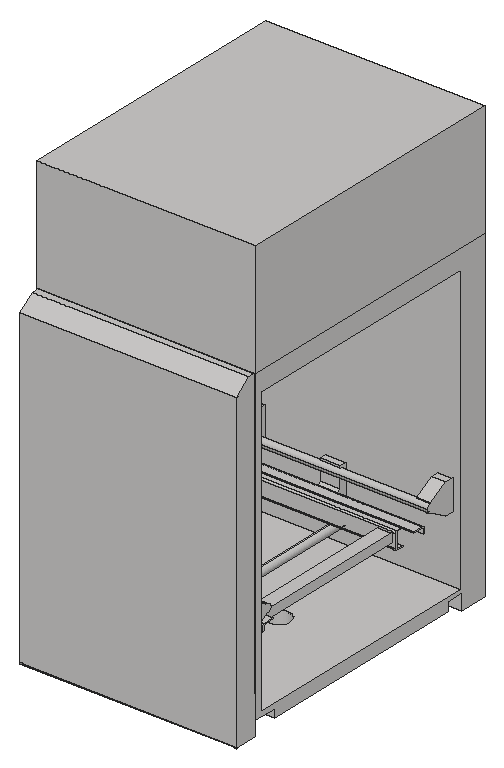
Revit family "QF_ELECTROLUXPROFESSIONAL_535141_NMHDRE56", category Specialty Equipment, Revit 2018
Family settings
  Round Connector Dimension = Use Diameter
  Part Type = Normal
  Work Plane-Based = No
  Always vertical = Yes
  Cut with Voids When Loaded = No
  Shared = No
  Room Calculation Point = No
Parameters (values of type "NMHDRE56")
  Weight = 0.00 kg
  Watts = 0 W
  Volts = 0 V
  URL Manufacturer = ""
  URL = "http://professional.electrolux.com"
  Steam Supply Size = 0 mm
  Steam Supply Minimum Pressure = 0.0 Pa
  Steam Supply Maximum Pressure = 0.0 Pa
  Steam Pounds per Hour = 0
  Show Logo [instance] = yes
  Refrigeration Suction Line Size = 0 mm
  Refrigeration Liquid Line Size = 0 mm
  Refrigerant Compressor Remote = yes
  Manufacturer = "Electrolux"
  Phase = 0
  Model = "ESR10E5"
  Length Actual = 560 mm  # constant formula
  Show Clearance [instance] = yes
  Item Number = ""
  Hot Water Size = 0 mm
  Height Actual = 1130 mm  # constant formula
  HP = "5.9 HP"
  Gas Size = 0 mm
  Gas KW = 0
  Gas Input Pressure = 0 W
  Direct Waste Size = 50 mm
  Description = "SINGLE RINSE RT, 100R/H, ELECTRIC 50HZ"
  Depth Actual = 795 mm  # constant formula
  Cycle = 0 Hz
  Condensate Return Size = 0 mm
  Compressed Air Volume = 0.0 L/s
  Compressed Air Size = 0 mm
  Compressed Air Pressure = 0.0 Pa
  Cold Water Size = 0 mm
  Accessory = yes
Types (3, lengths in mm): name | Volts | URL Manufacturer | URL | Manufacturer | Phase | Model | Item Number | Description | Cycle
  (no name) | 0 V | "" | "http://professional.electrolux.com" | "Electrolux" | 0 | "ESR10E5" | "" | "SINGLE RINSE RT, 100R/H, ELECTRIC 50HZ" | 0 Hz
  NMHDRE56 | 0 V | "" | "http://professional.electrolux.com" | "Electrolux" | 0 | "ESR10E5" | "" | "SINGLE RINSE RT, 100R/H, ELECTRIC 50HZ" | 0 Hz
  Standard | 380 V | "http://professional.electrolux.com/" | "http://professional.electrolux.com/" | "Electrolux Professional" | 3 | "NMHDRE56" | "535141" | "MEDIUM DRYER WITHOUT DOOR (HAB) FOR DUAL RINSE RT, ELECTRIC, 50HZ & 60HZ" | 60 Hz
Reference planes
  plane 1 "Center X": y = -10.242
  plane 2: z = 0
  plane 3 "LEFT": x = -383.563
  plane 4 "RIGHT": x = 176.437
  plane 5 "BACK": y = 388.258
  plane 6 "FEET": z = 150
  plane 7: z = 2095
  plane 8 "BASE": z = 187
  plane 9 "TOP": z = 1785
  plane 10 "FRONT": y = -408.742
  plane 11: y = 311.258
  plane 12 "Medium": z = 775
  plane 13 "DrainX": x = -35.563
Forms (mm)
  Extrusion 1, solid, material "QF_Finishes_Stainless Steel"
    sketch origin (176.437, 479.936, 4000) x (0, 1, 0) y (0, 0, 1)
      loop
        line (-96.678, -2215) -> (-828.678, -2215) -> (-828.678, -2507) -> (-96.678, -2507) -> (-96.678, -2215)
    from -560 to 0
  Extrusion 2, solid, material "QF_Finishes_Stainless Steel"
    sketch origin (-383.563, 437.565, 4000) x (0, 1, 0) y (0, 0, 1)
      loop
        line (-54.307, -2507) -> (-786.307, -2507) -> (-786.307, -3300) -> (-727.307, -3300) -> (-727.307, -3322) -> (-171.307, -3322) -> (-171.307, -3300) -> (-126.307, -3300) -> (-126.307, -3340) -> (-54.307, -3340) -> (-54.307, -2507)
      loop
        line (-129.307, -2557) -> (-769.307, -2557) -> (-769.307, -3290) -> (-129.307, -3290) -> (-129.307, -2557)
    from 560 to 0
  Revolve 3, solid, material "QF_Finishes_Stainless Steel"
    sketch origin (-35.563, 0, 0) x (0, -1, 0) y (0, 0, 1)
      loop
        line (35.242, 613) -> (35.242, 633) -> (40.242, 633) -> (40.242, 663) -> (47.242, 663) -> (47.242, 678) -> (30.242, 678) -> (30.242, 613) -> (35.242, 613)
      axis (10.242, 613) -> (10.242, 678)
    angle from 0 to 360
  Extrusion 4, void
    sketch origin (0, 0, 775) x (-1, 0, 0) y (0, -1, 0)
      loop
        circle (36.563, 10.242) r 30
    from 0 to -97
  Extrusion 5, solid, material "QF_Clearance", detail levels coarse
    sketch origin (516.437, -74.242, 0) x (1, 0, 0) y (0, 1, 0)
      loop
        line (-900, 462.5) -> (-340, 462.5) -> (-340, 512.5) -> (-900, 512.5) -> (-900, 462.5)
    from 659 to 1785
Cuts and joins
  Extrusion 4 cuts Extrusion 2
Lines and regions (mm)
  symbolic lines
    curve 1: line (-383.563, 383.258, 0) -> (176.437, 383.258, 0)
    curve 2: line (-383.563, -348.742, 0) -> (-383.563, 383.258, 0)
    curve 3: line (176.437, -348.742, 0) -> (-383.563, -348.742, 0)
    curve 4: line (176.437, 383.258, 0) -> (176.437, -348.742, 0)
    curve 7: line (-383.563, 383.258, 0) -> (177.437, -348.742, 0)
    curve 8: line (-383.563, -10.242, 0) -> (-358.563, -10.242, 0)
    curve 9: line (176.437, -10.242, 0) -> (151.437, -10.242, 0)
  symbolic lines, style "SpecialityEquipment"
    curve 5: line (176.437, -281.742, 0) -> (-383.563, -281.742, 0)
    curve 6: line (-383.563, 308.258, 0) -> (176.437, 308.258, 0)
  symbolic lines, style "QF_Clearances"
    curve 10: line (-383.563, 438.258, 0) -> (176.437, 438.258, 0)
Dimensions and locks
  plane 3 "LEFT" to plane 4 "RIGHT" = 560 mm
  plane 5 "BACK" to plane 1 "Center X" to plane 10 "FRONT" = 398.5 mm, 398.5 mm
  plane 6 "FEET" to level = 150 mm
  plane 6 "FEET" to plane 9 "TOP" = 1635 mm
  plane 5 "BACK" to plane 10 "FRONT" = 797 mm  (x2)
  plane 4 "RIGHT" to plane 3 "LEFT" = 560 mm
  nested 1 to nested 2 to nested 2 = 732 mm, 60 mm
  plane 12 "Medium" to level = 775 mm
  plane 3 "LEFT" to plane 13 "DrainX" = 348 mm
  aligned and locked: level to plane 2
Nested families
  nested 1: "Basket_Guide+Wash_Arm_22''" at (-514, 0, 0), type "Basket_Guide+Wash_Arm_22''"
  nested 2: "DoorHDryer_22''" at (-453, 0, 0), Show Clearance <- "Show Clearance", type "DoorHDryer_22''"
Connectors
  piping at (-35.563, -10.242, 613), diameter 50
    settings: on Revolve 3, index 1, connector inside diameter 609.6 mm, connector length 0 mm, flow factor 0, pipe flow 0.0 L/s, pressure drop 0.0 Pa, fitting loss kfactor 0, connector angle 0.00°, fixture units 0, engagement length 0 mm, angle of deflection 0.00°, flow configuration 1, flow direction 2, fitting loss method 0, system type 16, joint type 0, gender type 0, connector reference index -1, connector utility 0, adjustable connector no, is connector primary yes, connector description "DRAIN"
Definition of nested family "Basket_Guide+Wash_Arm_22''"
  Reference planes
    plane 1: z = 0
    plane 2 "Center Y": x = 409.437
    plane 3 "LEFT": x = 130.437
    plane 4 "BACK": y = 383.258
    plane 5 "FRONT": y = -408.742
    plane 6: z = 150
    plane 7 "TOP": z = 1785
    plane 8: z = 875
    plane 9 "RIGHT": x = 688.437
  Forms (mm)
    Extrusion 1, solid
      sketch origin (243.437, -18.984, 0) x (0, -1, 0) y (0, 0, 1)
        loop
          line (264.703, 929.245) -> (264.703, 907.554) -> (312.758, 879.81) -> (312.758, 956.99) -> (264.703, 929.245)
        loop
          line (-259.187, 929.245) -> (-307.242, 956.99) -> (-327.242, 956.99) -> (-327.242, 879.81) -> (-307.242, 879.81) -> (-259.187, 907.554) -> (-259.187, 929.245)
      from -424 to -388
    Extrusion 2, solid
      sketch origin (293.437, -18.984, 0) x (0, -1, 0) y (0, 0, 1)
        loop
          circle (264.703, 918.4) r 10
        loop
          circle (-259.187, 918.4) r 10
      from -374 to 142
    Extrusion 3, solid
      sketch origin (293.437, -18.984, 0) x (0, -1, 0) y (0, 0, 1)
        loop
          line (-252.564, 858) -> (-252.564, 870.68)
          arc (-252.564, 870.68) -> (-251.884, 872.32) -> (-250.244, 873) r 2.32
          line (-250.244, 873) -> (-222.564, 873) -> (-222.564, 875) -> (-250.244, 875)
          arc (-250.244, 875) -> (-253.299, 873.735) -> (-254.564, 870.68) r 4.32
          line (-254.564, 870.68) -> (-254.564, 858) -> (-252.564, 858)
        loop
          line (258.08, 858) -> (260.08, 858) -> (260.08, 870.68)
          arc (260.08, 870.68) -> (258.815, 873.735) -> (255.76, 875) r 4.32
          line (255.76, 875) -> (228.08, 875) -> (228.08, 873) -> (255.76, 873)
          arc (255.76, 873) -> (257.401, 872.32) -> (258.08, 870.68) r 2.32
          line (258.08, 870.68) -> (258.08, 858)
      from -360 to 128
    Extrusion 4, solid
      sketch origin (293.437, -18.984, 0) x (0, -1, 0) y (0, 0, 1)
        loop
          arc (-216.187, 825.32) -> (-216.866, 823.679) -> (-218.507, 823) r 2.32
          line (-218.507, 823) -> (-236.187, 823) -> (-236.187, 821) -> (-218.507, 821)
          arc (-218.507, 821) -> (-215.452, 822.265) -> (-214.187, 825.32) r 4.32
          line (-214.187, 825.32) -> (-214.187, 861.68)
          arc (-214.187, 861.68) -> (-215.452, 864.735) -> (-218.507, 866) r 4.32
          line (-218.507, 866) -> (-236.187, 866) -> (-236.187, 864) -> (-218.507, 864)
          arc (-218.507, 864) -> (-216.866, 863.32) -> (-216.187, 861.68) r 2.32
          line (-216.187, 861.68) -> (-216.187, 825.32)
        loop
          line (221.703, 825.32) -> (221.703, 861.68)
          arc (221.703, 861.68) -> (222.383, 863.32) -> (224.023, 864) r 2.32
          line (224.023, 864) -> (241.703, 864) -> (241.703, 866) -> (224.023, 866)
          arc (224.023, 866) -> (220.969, 864.735) -> (219.703, 861.68) r 4.32
          line (219.703, 861.68) -> (219.703, 825.32)
          arc (219.703, 825.32) -> (220.969, 822.265) -> (224.023, 821) r 4.32
          line (224.023, 821) -> (241.703, 821) -> (241.703, 823) -> (224.023, 823)
          arc (224.023, 823) -> (222.383, 823.679) -> (221.703, 825.32) r 2.32
      from -320 to 88
    Extrusion 5, solid
      sketch origin (575.437, -18.984, 0) x (0, -1, 0) y (0, 0, 1)
        loop
          line (264.703, 929.245) -> (264.703, 907.554) -> (312.758, 879.81) -> (312.758, 956.99) -> (264.703, 929.245)
        loop
          line (-259.187, 929.245) -> (-307.242, 956.99) -> (-327.242, 956.99) -> (-327.242, 879.81) -> (-307.242, 879.81) -> (-259.187, 907.554) -> (-259.187, 929.245)
      from 424 to 388
    Extrusion 6, solid
      sketch origin (243.437, -18.984, 0) x (0, -1, 0) y (0, 0, 1)
        loop
          line (219.703, 858) -> (-214.187, 858) -> (-214.187, 836) -> (219.703, 836) -> (219.703, 858)
      from -360 to -325
    Extrusion 7, solid
      sketch origin (575.437, -18.984, 0) x (0, -1, 0) y (0, 0, 1)
        loop
          line (219.703, 858) -> (-214.187, 858) -> (-214.187, 836) -> (219.703, 836) -> (219.703, 858)
      from 360 to 325
    Extrusion 8, solid
      sketch origin (409.437, 308.258, 1443) x (0, 0, 1) y (-1, 0, 0)
        loop
          line (-650.516, 7.5) -> (-663.507, 15) -> (-676.497, 7.5) -> (-676.497, -7.5) -> (-663.507, -15) -> (-650.516, -7.5) -> (-650.516, 7.5)
        loop
          line (-22.01, 7.5) -> (-35, 15) -> (-47.99, 7.5) -> (-47.99, -7.5) -> (-35, -15) -> (-22.01, -7.5) -> (-22.01, 7.5)
      from 0 to 30
    Extrusion 9, solid
      sketch origin (409.437, 278.258, 1443) x (0, 0, 1) y (-1, 0, 0)
        loop
          circle (-663.507, 0) r 10
        loop
          circle (-35, 0) r 10
      from 0 to 537.443
    Extrusion 10, solid
      sketch origin (409.437, -38.984, 0) x (0, -1, 0) y (0, 0, 1)
        loop
          line (244.703, 880.8) -> (236.703, 872.8) -> (221.703, 872.8) -> (221.703, 855.89) -> (201.703, 855.89) -> (201.703, 833.698) -> (238.1, 833.698) -> (209.284, 804.882) -> (200.502, 763.596) -> (201.48, 763.388) -> (210.201, 804.385) -> (262.124, 856.308) -> (262.124, 933.4) -> (244.703, 933.4) -> (244.703, 880.8)
        loop
          line (-279.187, 880.8) -> (-279.187, 933.4) -> (-296.608, 933.4) -> (-296.608, 856.308) -> (-273.998, 833.698) -> (-236.187, 833.698) -> (-236.187, 855.89) -> (-256.187, 855.89) -> (-256.187, 872.8) -> (-271.187, 872.8) -> (-279.187, 880.8)
        loop
          line (220.202, 1443) -> (218.202, 1443) -> (218.202, 1420.7) -> (195.852, 1381.988) -> (197.584, 1380.988) -> (220.202, 1420.164) -> (220.202, 1443)
      from -25 to 25
  Cuts and joins
    joined: Extrusion 1, Extrusion 2, Extrusion 3, Extrusion 4, Extrusion 5, Extrusion 6, Extrusion 7, Extrusion 8, Extrusion 9, Extrusion 10
  Dimensions and locks
    plane 3 "LEFT" to plane 9 "RIGHT" = 558 mm
    equal spacing: plane 3 "LEFT", plane 2 "Center Y", plane 9 "RIGHT", locked at 279 each
    plane 7 "TOP" to plane 6 to level = 1635 mm, 150 mm
    plane 4 "BACK" to plane 5 "FRONT" = 792 mm
    aligned and locked: level to plane 1
  Automatic sketch dimensions
    plane 8 to Extrusion 1 sketch curve = 4.81 mm  (x2)
    Extrusion 1 sketch curve to plane 4 "BACK" = 75 mm
    Extrusion 1 sketch curve to Extrusion 1 sketch curve = 20 mm  (x2)
    Extrusion 1 sketch curve to Extrusion 1 sketch curve = 48.055 mm  (x2)
    plane 8 to Extrusion 1 sketch curve = 32.554 mm  (x2)
    plane 5 "FRONT" to Extrusion 1 sketch curve = 125.055 mm
    Extrusion 1 sketch curve to Extrusion 1 sketch curve = 21.691 mm  (x2)
    Extrusion 1 sketch curve to Extrusion 1 sketch curve = 27.745 mm  (x2)
    plane 8 to Extrusion 2 sketch curve = 43.4 mm  (x2)
    Extrusion 2 sketch curve to plane 4 "BACK" = 143.055 mm
    plane 5 "FRONT" to Extrusion 2 sketch curve = 125.055 mm
    Extrusion 3 sketch curve to Extrusion 3 sketch curve = 0 mm  (x4)
    Extrusion 3 sketch curve to plane 8 = 0 mm  (x2)
    Extrusion 3 sketch curve to plane 8 = 4.32 mm  (x2)
    Extrusion 3 sketch curve to plane 4 "BACK" = 147.678 mm
    Extrusion 3 sketch curve to Extrusion 3 sketch curve = 2 mm  (x2)
    Extrusion 3 sketch curve to Extrusion 3 sketch curve = 27.68 mm  (x2)
    plane 5 "FRONT" to Extrusion 3 sketch curve = 161.678 mm
    Extrusion 3 sketch curve to Extrusion 3 sketch curve = 12.68 mm  (x2)
    Extrusion 4 sketch curve to Extrusion 4 sketch curve = 0 mm  (x9)
    Extrusion 4 sketch curve to plane 8 = 9 mm
    Extrusion 4 sketch curve to plane 4 "BACK" = 166.055 mm
    Extrusion 4 sketch curve to Extrusion 4 sketch curve = 17.68 mm  (x4)
    Extrusion 4 sketch curve to Extrusion 4 sketch curve = 2.32 mm  (x3)
    Extrusion 4 sketch curve to Extrusion 4 sketch curve = 2 mm  (x2)
    Extrusion 4 sketch curve to plane 8 = 49.68 mm
    plane 5 "FRONT" to Extrusion 4 sketch curve = 170.055 mm
    Extrusion 4 sketch curve to Extrusion 4 sketch curve = 43 mm
    Extrusion 4 sketch curve to plane 8 = 13.32 mm
    plane 8 to Extrusion 5 sketch curve = 4.81 mm  (x2)
    Extrusion 5 sketch curve to plane 4 "BACK" = 75 mm
    Extrusion 5 sketch curve to Extrusion 5 sketch curve = 20 mm  (x2)
    Extrusion 5 sketch curve to Extrusion 5 sketch curve = 48.055 mm  (x2)
    plane 8 to Extrusion 5 sketch curve = 32.554 mm  (x2)
    plane 5 "FRONT" to Extrusion 5 sketch curve = 125.055 mm
    Extrusion 5 sketch curve to Extrusion 5 sketch curve = 21.691 mm  (x2)
    Extrusion 5 sketch curve to Extrusion 5 sketch curve = 27.745 mm  (x2)
    Extrusion 6 sketch curve to plane 8 = 17 mm
    Extrusion 6 sketch curve to plane 4 "BACK" = 188.055 mm
    Extrusion 6 sketch curve to plane 8 = 39 mm
    plane 5 "FRONT" to Extrusion 6 sketch curve = 170.055 mm
    Extrusion 7 sketch curve to plane 8 = 17 mm
    Extrusion 7 sketch curve to plane 4 "BACK" = 188.055 mm
    Extrusion 7 sketch curve to plane 8 = 39 mm
    plane 5 "FRONT" to Extrusion 7 sketch curve = 170.055 mm
    Extrusion 8 sketch curve to plane 2 "Center Y" = 7.5 mm  (x4)
    Extrusion 8 sketch curve to plane 8 = 108.497 mm
    Extrusion 8 sketch curve to plane 2 "Center Y" = 15 mm  (x2)
    Extrusion 8 sketch curve to Extrusion 8 sketch curve = 12.99 mm  (x6)
    plane 2 "Center Y" to Extrusion 8 sketch curve = 15 mm  (x2)
    Extrusion 8 sketch curve to plane 7 "TOP" = 389.99 mm
    plane 2 "Center Y" to Extrusion 8 sketch curve = 7.5 mm  (x4)
    plane 8 to Extrusion 10 sketch curve = 58.4 mm
    Extrusion 10 sketch curve to plane 4 "BACK" = 125.634 mm
    Extrusion 10 sketch curve to Extrusion 10 sketch curve = 17.421 mm  (x3)
    plane 8 to Extrusion 10 sketch curve = 5.8 mm  (x2)
    Extrusion 10 sketch curve to plane 8 = 41.302 mm  (x2)
    Extrusion 10 sketch curve to Extrusion 10 sketch curve = 22.61 mm
    Extrusion 10 sketch curve to plane 8 = 2.2 mm  (x2)
    Extrusion 10 sketch curve to Extrusion 10 sketch curve = 8 mm  (x2)
    Extrusion 10 sketch curve to Extrusion 10 sketch curve = 15 mm  (x2)
    Extrusion 10 sketch curve to Extrusion 10 sketch curve = 20 mm  (x2)
    plane 5 "FRONT" to Extrusion 10 sketch curve = 173.907 mm
    Extrusion 10 sketch curve to Extrusion 10 sketch curve = 1.732 mm
    plane 5 "FRONT" to Extrusion 10 sketch curve = 169.257 mm
    Extrusion 10 sketch curve to Extrusion 10 sketch curve = 0.978 mm
    Extrusion 10 sketch curve to plane 8 = 19.11 mm
    Extrusion 10 sketch curve to Extrusion 10 sketch curve = 1.202 mm
    Extrusion 10 sketch curve to plane 8 = 70.118 mm
    Extrusion 10 sketch curve to Extrusion 10 sketch curve = 7.581 mm
    Extrusion 10 sketch curve to plane 8 = 70.615 mm
    Extrusion 10 sketch curve to Extrusion 10 sketch curve = 0.916 mm
    Extrusion 10 sketch curve to Extrusion 10 sketch curve = 22.35 mm
    Extrusion 10 sketch curve to Extrusion 10 sketch curve = 2 mm
    Extrusion 10 sketch curve to Extrusion 10 sketch curve = 16.397 mm
    Extrusion 10 sketch curve to Extrusion 10 sketch curve = 0 mm
    Extrusion 10 sketch curve to Extrusion 10 sketch curve = 16.909 mm
    Extrusion 10 sketch curve to plane 8 = 18.692 mm  (x2)
    Extrusion 10 sketch curve to Extrusion 10 sketch curve = 52.6 mm
    Extrusion 10 sketch curve to plane 7 "TOP" = 404.012 mm
    Extrusion 10 sketch curve to Extrusion 10 sketch curve = 1 mm
    Extrusion 10 sketch curve to Extrusion 10 sketch curve = 22.3 mm
    Extrusion 9 sketch curve to Extrusion 8 = 12.99 mm  (x3)
    Extrusion 9 sketch curve to Extrusion 9 sketch curve = 0 mm
    radius of Extrusion 2 sketch curve = 10 mm  (x2)
    radius of Extrusion 9 sketch curve = 10 mm  (x2)
Definition of nested family "DoorHDryer_22''"
  Parameters
    Show Clearance [instance] = yes
  Reference planes
    plane 1: z = 0
    plane 2 "Center Y": x = 350.437
    plane 3 "LEFT": x = 70.437
    plane 4 "RIGHT": x = 630.437
    plane 5 "FRONT": y = -408.742
    plane 6: z = 150
    plane 7: y = -348.742
    plane 8: z = 775
  Forms (mm)
    Extrusion 1, solid
      sketch origin (350.437, 0, 0) x (0, 1, 0) y (0, 0, 1)
        loop
          line (-351.742, 1493) -> (-368.817, 1493) -> (-408.742, 1463.413) -> (-408.742, 661.5)
          arc (-408.742, 661.5) -> (-408.01, 659.732) -> (-406.242, 659) r 2.5
          line (-406.242, 659) -> (-348.742, 659) -> (-348.742, 758.131) -> (-351.742, 758.971) -> (-351.742, 1493)
      from -277 to 277
  Lines and regions (mm)
    symbolic lines
      curve 1: line (73.437, -408.742, 1785) -> (73.437, -348.742, 1785)
      curve 2: line (627.437, -408.742, 1785) -> (73.437, -408.742, 1785)
      curve 3: line (627.437, -348.742, 1785) -> (627.437, -408.742, 1785)
  Dimensions and locks
    locked: plane 3 "LEFT" to plane 4 "RIGHT" at 560
    plane 6 to level = 150 mm
    equal spacing: plane 3 "LEFT", plane 2 "Center Y", plane 4 "RIGHT", locked at 280 each
    plane 8 to level = 775 mm
    aligned and locked: level to plane 1
  Automatic sketch dimensions
    curve 1 to plane 7 = 0 mm
    curve 3 to plane 7 = 0 mm
    curve 2 to plane 5 "FRONT" = 0 mm
    plane 3 "LEFT" to curve 2 = 3 mm
    curve 2 to plane 4 "RIGHT" = 3 mm
    Extrusion 1 sketch curve to plane 5 "FRONT" = 0 mm
    Extrusion 1 sketch curve to plane 7 = 0 mm
    Extrusion 1 sketch curve to plane 7 = 20.076 mm
    Extrusion 1 sketch curve to plane 7 = 3 mm
    plane 8 to Extrusion 1 sketch curve = 688.413 mm
    Extrusion 1 sketch curve to Extrusion 1 sketch curve = 29.587 mm
    Extrusion 1 sketch curve to plane 8 = 16.029 mm
    Extrusion 1 sketch curve to Extrusion 1 sketch curve = 0.839 mm
    Extrusion 1 sketch curve to Extrusion 1 sketch curve = 97.471 mm
    Extrusion 1 sketch curve to Extrusion 1 sketch curve = 2.5 mm
